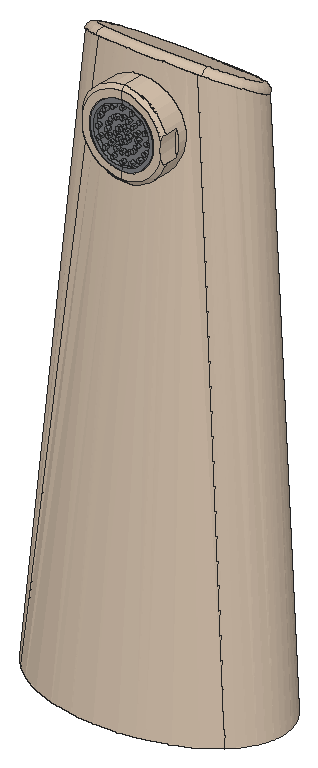
Revit family "Faucet-Wall_Mount-Bath_Spout-KOHLER-Complementary-K-10385IN_1", category Plumbing Fixtures, host Face, Revit 2021
Family settings
  Host = Face
  Round Connector Dimension = Use Diameter
  Part Type = Normal
  OmniClass Number = 23.31.11.00
  OmniClass Title = Faucets
  Cut with Voids When Loaded = No
  Shared = No
  Room Calculation Point = No
Parameters (values of type "AF-Vibrant French Gold")
  Width = 2 97/128"  # constant formula
  WaterSense Certified = 1 = 0  # no
  Waste Water Outlet = "Waste Water Outlet"  # constant formula
  Waste Connection = 1 = 0  # no
  Vent Connection = 1 = 0  # no
  URL = "https://www.kohler.co.in/"
  Type = 1
  Tempered Water Inlet = "Tempered Water Inlet"  # constant formula
  Spout Reach = 5 77/128"  # constant formula
  Product Page URL = "https://www.kohler.co.in/product-detail/10385in?skuid=K-10385IN-AF"
  Product Name = "Complementary"  # constant formula
  Product Documentation Link = ""
  Pressure = 4.51 psi  # constant formula
  Model = if(Type = 1, "K-10385IN-AF", if(Type = 2, "K-10385IN-BN", if(Type = 3, "K-10385IN-BV", if(Type = 4, "K-10385IN-CP", if(Type = 5, "K-10385IN-BRD", "NA")))))  # "K-10385IN-AF"
  Material = "Premium Metal Construction"  # constant formula
  Master Format 2014 Name = "Residential Faucets, Supplies, and Trim"  # constant formula
  Master Format 2014 = "22 41 39"  # constant formula
  Manufacturer Address = "Ambience Office Tower NH-8 Gurgaon / Gurugram Haryana , 122001"  # constant formula
  Manufacturer = "Kohler Co."  # constant formula
  Length = Spout Reach  # 5 77/128"
  Hot Water Inlet = "Hot Water Inlet"  # constant formula
  Height = 1 99/128"  # constant formula
  HW Connection = 1 = 1  # yes
  Flow Rate = 8.31 GPM  # constant formula
  Finish = Kohler-Metal-AF-Vibrant_French_Gold
  Environmental Product Declaration = ""
  Drain Included = 1 = 0  # no
  Description = "Bath Spout, Without Diverter, Flat Face"  # constant formula
  Default Elevation = 36"
  Declare Label = ""
  Date Modified = "07/05/2024"  # constant formula
  Date Created = "02/06/2023"  # constant formula
  Copyright = "Copyright Kohler Co."  # constant formula
  Contact Us = "https://www.kohler.co.in/contact-us"
  Cold Water Inlet = "Cold Water Inlet"  # constant formula
  CW Connection = 1 = 0  # no
  Assembly Code = "D2010"
  ADA Compliant = 1 = 0  # no
Types (6): name | Type | Product Page URL | Model | Finish
  (no name) | 1 | "https://www.kohler.co.in/product-detail/10385in?skuid=K-10385IN-AF" | "K-10385IN-AF" | Kohler-Metal-AF-Vibrant_French_Gold
  AF-Vibrant French Gold | 1 | "https://www.kohler.co.in/product-detail/10385in?skuid=K-10385IN-AF" | "K-10385IN-AF" | Kohler-Metal-AF-Vibrant_French_Gold
  BN-Vibrant Brushed Nickel | 2 | "https://www.kohler.co.in/product-detail/10385in?skuid=K-10385IN-BN" | "K-10385IN-BN" | Kohler-Metal-BN-Vibrant_Brushed_Nickel
  BV-Brushed Bronze | 3 | "https://www.kohler.co.in/product-detail/10385in?skuid=K-10385IN-BV" | "K-10385IN-BV" | Kohler-Metal-BV-Brushed_Bronze
  CP-Polished Chrome | 4 | "" | "K-10385IN-CP" | Kohler-Metal-CP-Polished_Chrome
  BRD-Brushed Rose Gold | 5 | "" | "K-10385IN-BRD" | KOHLER-Metal-BRD-Brushed_Rose_Gold
Reference planes (in)
  plane 1 "Center (Front/Back)": y = 0
  plane 2: z = 0
  plane 3 "Center (Left/Right)": x = 0
  plane 4: x = 1.37795
  plane 5: y = 0.88583
  plane 6: x = -1.37986
  plane 7: y = -0.88761
  plane 8: x = -0.89173
  plane 9: x = 0.89173
  plane 10: y = -0.57199
  plane 11: z = 6.27708
  plane 12: z = 5.60156
Dimensions and locks (in)
  "Width": plane 6 to plane 4
  "Height": plane 5 to plane 7
  "Length": plane 12 to level
  level to plane 11 = 6.27708"
  plane 8 to plane 9 = 1.78346"  (x2)
  plane 1 "Center (Front/Back)" to plane 10 = 0.57199"
  plane 1 "Center (Front/Back)" to plane 7 = 0.88761"
  aligned and locked: plane 2 to host face
  aligned and locked: level to host face
Automatic sketch dimensions
  host sketch curve to host sketch curve = 96"  (x2)
Nested families (in)
  nested 1: "K-10385IN" at (0, 0, 0), type "K-10385IN"
Connectors (in)
  piping at (0, 0, 0), diameter 0.5, driven by "Flow Rate", driven by "Pressure", driven by "HW Connection", driven by "Tempered Water Inlet"
    settings: on nested 1, index 1, connector inside diameter 24", connector length 0", flow factor 0, pipe flow 8.31 GPM, pressure drop 4.51 psi, fitting loss kfactor 0, connector angle 0.00°, fixture units 0, engagement length 0", angle of deflection 0.00°, flow configuration 1, flow direction 1, fitting loss method 4, system type 19, joint type 0, gender type 0, connector reference index -1, connector utility 1, adjustable connector no, is connector primary yes, connector description "Tempered Water Inlet"
Definition of nested family "K-10385IN"
  Parameters
    Material = none
    Default Elevation = 0"
  Reference planes (in)
    plane 1 "Center (Front/Back)": y = 0
    plane 2: z = 0
    plane 3 "Center (Left/Right)": x = 0
    plane 4: z = 5.60236
    plane 5: x = -1.37795
    plane 6: x = 1.37795
    plane 7: x = -0.89173
    plane 8: x = 0.89173
    plane 9: z = 6.27708
    plane 10: y = -0.57199
    plane 11: y = 0.88583
    plane 12: y = -0.88583
    plane 13 "A": through (0, 0.71207, 5.79081) normal (0, -0.5, -0.866)
  Forms (in)
    Sweep 1, solid, material <- "Material", detail levels medium+fine
      path origin (0, 2.68551, 4.65145) x (0, 0.866025, -0.5) y (1, 0, 0)
        loop
          arc (-3.29327, -0.56409) -> (-2.85449, -0.9041) -> (-2.40088, -0.58416) r 0.46678
          arc (-2.40088, -0.58416) -> (-2.30694, 0.01208) -> (-2.40946, 0.60691) r 1.85445
          arc (-2.40946, 0.60691) -> (-2.85779, 0.91708) -> (-3.28926, 0.58385) r 0.46177
          arc (-3.28926, 0.58385) -> (-3.37164, 0.01016) -> (-3.29327, -0.56409) r 2.08961
      profile origin (0.01016, -0.23441, 6.33726) x (0.003493, -0.86602, 0.499997) y (0, -0.5, -0.866025)
        loop
          line (-0.00021, 0.08206) -> (-0.11585, 0.08206) -> (-0.11585, 0) -> (-0.07642, 0)
          arc (-0.07642, 0) -> (-0.02042, 0.02441) -> (-0.00021, 0.08206) r 0.07642
    SweptBlend 2, solid, material <- "Material", detail levels medium+fine
      path origin (0, 0, 0) x (0, 1, 0) y (0, 0, 1)
        loop
          line (0.18308, 6.40386) -> (-0.1672, -0.27988)
      profile origin (0, 0.18308, 6.40386) x (0, 0.99863, -0.052336) y (1, 0, 0)
        loop
          spline (-0.38666, 0.52497) -> (-0.40332, 0.43944) -> (-0.41702, 0.35325) -> (-0.42771, 0.26652) -> (-0.4354, 0.17939) -> (-0.44006, 0.092) -> (-0.44169, 0.00447) -> (-0.44028, -0.08307) -> (-0.43585, -0.17048) -> (-0.42838, -0.25763) -> (-0.41791, -0.34439) -> (-0.40444, -0.43063) -> (-0.38799, -0.51621)
          spline (-0.38799, -0.51621) -> (-0.36209, -0.60104) -> (-0.32196, -0.67856) -> (-0.26913, -0.74582) -> (-0.20562, -0.80022) -> (-0.13388, -0.83967) -> (-0.05666, -0.86267) -> (0.02307, -0.86832) -> (0.10225, -0.85642) -> (0.17785, -0.82741) -> (0.24695, -0.78241) -> (0.3069, -0.72316) -> (0.35541, -0.65192)
          spline (0.35541, -0.65192) -> (0.38189, -0.54435) -> (0.40359, -0.43544) -> (0.42046, -0.32546) -> (0.43244, -0.21468) -> (0.43952, -0.10337) -> (0.44168, 0.0082) -> (0.43891, 0.11976) -> (0.43121, 0.23102) -> (0.41862, 0.34171) -> (0.40115, 0.45157) -> (0.37885, 0.56033) -> (0.35178, 0.66771)
          spline (0.35178, 0.66771) -> (0.30249, 0.7371) -> (0.2422, 0.7945) -> (0.17317, 0.83777) -> (0.09799, 0.86526) -> (0.0195, 0.87596) -> (-0.05935, 0.86944) -> (-0.1356, 0.84597) -> (-0.20638, 0.80643) -> (-0.26903, 0.75229) -> (-0.32118, 0.6856) -> (-0.36089, 0.60886) -> (-0.38666, 0.52497)
      end profile origin (0, -0.1672, -0.27988) x (0, 0.99863, -0.052336) y (1, 0, 0)
        loop
          spline (0.57201, -1.15921) -> (0.69075, -1.01516) -> (0.79215, -0.84135) -> (0.8732, -0.64289) -> (0.93156, -0.42559) -> (0.9655, -0.19582) -> (0.97402, 0.03969) -> (0.95689, 0.27404) -> (0.9146, 0.50036) -> (0.84838, 0.71201) -> (0.76019, 0.9028) -> (0.65261, 1.06713) -> (0.52878, 1.20019)
          spline (0.52878, 1.20019) -> (0.45571, 1.25812) -> (0.37951, 1.30508) -> (0.30087, 1.34065) -> (0.22045, 1.36452) -> (0.13898, 1.37648) -> (0.05714, 1.37642) -> (-0.02433, 1.36436) -> (-0.10473, 1.34038) -> (-0.18336, 1.30471) -> (-0.25952, 1.25765) -> (-0.33257, 1.19962) -> (-0.40185, 1.13112)
          spline (-0.40185, 1.13112) -> (-0.51225, 0.98789) -> (-0.60635, 0.8183) -> (-0.68164, 0.62688) -> (-0.73611, 0.41872) -> (-0.76832, 0.19939) -> (-0.77739, -0.02526) -> (-0.76309, -0.24924) -> (-0.72579, -0.46657) -> (-0.66651, -0.67144) -> (-0.5868, -0.8584) -> (-0.48882, -1.02245) -> (-0.37515, -1.15921)
          spline (-0.37515, -1.15921) -> (-0.30296, -1.22477) -> (-0.22714, -1.27925) -> (-0.14836, -1.32214) -> (-0.06735, -1.35305) -> (0.01516, -1.37171) -> (0.09843, -1.37795) -> (0.18169, -1.37171) -> (0.2642, -1.35305) -> (0.34521, -1.32214) -> (0.42399, -1.27925) -> (0.49981, -1.22477) -> (0.57201, -1.15921)
    Extrusion 3, void
      sketch origin (0, 0, 0) x (0, 1, 0) y (0, 0, 1)
        loop
          line (0.78813, 5.65215) -> (0.78813, 6.55899) -> (-0.34224, 6.55899) -> (-0.34224, 6.30477) -> (0.78813, 5.65215)
      from -1.31629 to 1.11901
    Extrusion 4, solid, material <- "Material", detail levels medium+fine
      sketch origin (0, 2.68551, 4.65145) x (0, 0.866025, -0.5) y (1, 0, 0)
        loop
          arc (-3.17797, 0.55164) -> (-3.25578, 0.00976) -> (-3.18176, -0.53265) r 1.97376
          arc (-3.18176, -0.53265) -> (-2.85189, -0.78827) -> (-2.51086, -0.54774) r 0.35092
          arc (-2.51086, -0.54774) -> (-2.42279, 0.01125) -> (-2.51891, 0.56891) r 1.73859
          arc (-2.51891, 0.56891) -> (-2.85475, 0.80126) -> (-3.17797, 0.55164) r 0.34592
      from 0 to 0.08206
    Revolve 5, solid, material <- "Material", detail levels medium+fine
      sketch origin (0, 0, 0) x (0, 1, 0) y (0, 0, 1)
        loop
          line (-0.17043, 5.95213) -> (-0.17043, 6.07386) -> (-0.53264, 6.07386) -> (-0.57201, 6.03449) -> (-0.57201, 5.95213) -> (-0.17043, 5.95213)
        axis (-0.57201, 5.60203) -> (-0.17043, 5.60203)
      angle from 0 to 360
    Revolve 6, solid, detail levels medium+fine
      sketch origin (0, 0, 0) x (0, 1, 0) y (0, 0, 1)
        loop
          line (-0.57201, 5.94634) -> (-0.57201, 5.90697) -> (-0.44892, 5.90697) -> (-0.44892, 5.60203) -> (-0.40961, 5.60203) -> (-0.40961, 5.94634) -> (-0.57201, 5.94634)
        axis (-0.57201, 5.60203) -> (-0.40961, 5.60203)
      angle from 0 to 360
    Extrusion 7, solid, detail levels medium+fine
      sketch origin (0, 0, 0) x (1, 0, 0) y (0, 0, 1)
        loop
          circle (-0.26533, 5.60203) r 0.01969
        loop
          circle (-0.16676, 5.60203) r 0.01969
        loop
          circle (-0.06686, 5.60203) r 0.01969
        loop
          circle (-0.18762, 5.78965) r 0.01969
        loop
          circle (-0.11792, 5.71995) r 0.01969
        loop
          circle (-0.04728, 5.64931) r 0.01969
        loop
          circle (0, 5.86736) r 0.01969
        loop
          circle (0, 5.76879) r 0.01969
        loop
          circle (0, 5.66889) r 0.01969
        loop
          circle (0.18762, 5.78965) r 0.01969
        loop
          circle (0.11792, 5.71995) r 0.01969
        loop
          circle (0.04728, 5.64931) r 0.01969
        loop
          circle (0.26533, 5.60203) r 0.01969
        loop
          circle (0.16676, 5.60203) r 0.01969
        loop
          circle (0.06686, 5.60203) r 0.01969
        loop
          circle (-0.18762, 5.41441) r 0.01969
        loop
          circle (-0.11792, 5.48411) r 0.01969
        loop
          circle (-0.04728, 5.55475) r 0.01969
        loop
          circle (0, 5.33669) r 0.01969
        loop
          circle (0, 5.43526) r 0.01969
        loop
          circle (0, 5.53517) r 0.01969
        loop
          circle (0.18762, 5.41441) r 0.01969
        loop
          circle (0.11792, 5.48411) r 0.01969
        loop
          circle (0.04728, 5.55475) r 0.01969
        loop
          circle (-0.24424, 5.7057) r 0.01969
        loop
          circle (-0.15351, 5.66719) r 0.01969
        loop
          circle (-0.0994, 5.84804) r 0.01969
        loop
          circle (-0.06247, 5.75665) r 0.01969
        loop
          circle (0.10367, 5.84627) r 0.01969
        loop
          circle (0.06516, 5.75554) r 0.01969
        loop
          circle (0.24601, 5.70142) r 0.01969
        loop
          circle (0.15462, 5.6645) r 0.01969
        loop
          circle (0.24424, 5.49835) r 0.01969
        loop
          circle (0.15351, 5.53687) r 0.01969
        loop
          circle (-0.24601, 5.50263) r 0.01969
        loop
          circle (-0.15462, 5.53956) r 0.01969
        loop
          circle (-0.10367, 5.35779) r 0.01969
        loop
          circle (-0.06516, 5.44852) r 0.01969
        loop
          circle (0.0994, 5.35601) r 0.01969
        loop
          circle (0.06247, 5.44741) r 0.01969
      from 0.53264 to 0.57201
    Extrusion 8, solid, detail levels medium+fine
      sketch origin (0, 0, 0) x (1, 0, 0) y (0, 0, 1)
        loop
          circle (0, 5.60203) r 0.30494
      from 0.31424 to 0.53264
    Extrusion 9, void
      sketch origin (0, 0, 0) x (1, 0, 0) y (0, 0, 1)
        loop
          line (-1.59578, 0) -> (-1.59578, -0.7874) -> (1.55383, -0.7874) -> (1.55383, 0) -> (-1.59578, 0)
      from -1.0996 to 1.0898
    Extrusion 10, void
      sketch origin (0.00615, 0, 0) x (1, 0, 0) y (0, 0, 1)
        loop
          arc (0.43262, 5.74842) -> (0.41393, 5.60214) -> (0.43082, 5.45564) r 0.61126
          line (0.43082, 5.45564) -> (0.5131, 5.45564) -> (0.5131, 5.74842) -> (0.43262, 5.74842)
      from 0.37978 to 0.63965
    Extrusion 11, void
      sketch origin (-0.00615, 0, 0) x (-1, 0, 0) y (0, 0, -1)
        loop
          line (0.43262, -5.74842) -> (0.5131, -5.74842) -> (0.5131, -5.45564) -> (0.43082, -5.45564)
          arc (0.43082, -5.45564) -> (0.41393, -5.60214) -> (0.43262, -5.74842) r 0.61126
      from 0.37978 to 0.63965
    Blend 12, solid, material <- "Material", detail levels coarse
      base sketch origin (0, 0, 0) x (1, 0, 0) y (0, 1, 0)
        loop
          arc (-1.17642, -0.48729) -> (-0.00106, -0.95621) -> (1.17494, -0.48891) r 1.71046
          arc (1.17494, -0.48891) -> (1.35987, -0.06162) -> (1.17773, 0.36686) r 0.59055
          arc (1.17773, 0.36686) -> (0.00018, 0.84016) -> (-1.17803, 0.36849) r 1.70443
          arc (-1.17803, 0.36849) -> (-1.36076, -0.05975) -> (-1.17642, -0.48729) r 0.59055
      top sketch origin (0, 0, 0) x (1, 0, 0) y (0, 1, 0)
        loop
          arc (0.62674, 0.55146) -> (0.00975, 0.64694) -> (-0.60822, 0.55801) r 2.11378
          arc (-0.60822, 0.55801) -> (-0.88877, 0.17016) -> (-0.58751, -0.20185) r 0.3937
          arc (-0.58751, -0.20185) -> (0.00486, -0.27386) -> (0.59797, -0.20814) r 2.58516
          arc (0.59797, -0.20814) -> (0.90315, 0.16065) -> (0.62674, 0.55146) r 0.3937
      from 0 to 6.48654
    Extrusion 13, void
      sketch origin (0, 0, 0) x (0, 1, 0) y (0, 0, 1)
        loop
          arc (0.6239, 5.84151) -> (0.66844, 5.80036) -> (0.69094, 5.74405) r 0.1375
          line (0.69094, 5.74405) -> (0.69094, 6.62445) -> (-0.33734, 6.62445) -> (-0.33734, 6.23075)
          arc (-0.33734, 6.23075) -> (-0.28509, 6.31206) -> (-0.18845, 6.31053) r 0.09939
          line (-0.18845, 6.31053) -> (0.6239, 5.84151)
      from -1.3274 to 1.27564
    Revolve 14, solid, material <- "Material", detail levels coarse
      sketch origin (0, 0, 0) x (0, 1, 0) y (0, 0, 1)
        loop
          line (-0.18293, 5.60203) -> (-0.18293, 6.08044) -> (-0.57663, 6.08044) -> (-0.57663, 5.60203) -> (-0.18293, 5.60203)
        axis (-0.57663, 5.60203) -> (-0.18293, 5.60203)
      angle from 0 to 360
    Extrusion 15, solid, material <- "Material", detail levels medium+fine
      sketch origin (0, 0, 0) x (1, 0, 0) y (0, 1, 0)
        loop
          circle (0, 0) r 0.07874
      from 0 to 0.022
  Cuts and joins
    Extrusion 3, Extrusion 9, Extrusion 11 cuts SweptBlend 2
    Extrusion 10, Extrusion 11 cuts Revolve 5
    joined: SweptBlend 2, Revolve 5
    joined: Sweep 1, Extrusion 4
    Extrusion 13 cuts Blend 12
    joined: Blend 12, Revolve 14
    joined: Revolve 6, Extrusion 8
  Lines and regions (in)
    Masking region 1
      outline origin (0, 0, 0) x (1, 0, 0) y (0, 1, 0)
        loop
          spline (-1.37795, 0) -> (-1.331, -0.22927) -> (-1.19334, -0.44291) -> (-0.97436, -0.62637) -> (-0.68898, -0.76715) -> (-0.35664, -0.85564) -> (0, -0.88583) -> (0.35664, -0.85564) -> (0.68898, -0.76715) -> (0.97436, -0.62637) -> (1.19334, -0.44291) -> (1.331, -0.22927) -> (1.37795, 0)
          spline (1.37795, 0) -> (1.331, 0.22927) -> (1.19334, 0.44291) -> (0.97436, 0.62637) -> (0.68898, 0.76715) -> (0.35664, 0.85564) -> (0, 0.88583) -> (-0.35664, 0.85564) -> (-0.68898, 0.76715) -> (-0.97436, 0.62637) -> (-1.19334, 0.44291) -> (-1.331, 0.22927) -> (-1.37795, 0)
    Masking region 2
      outline origin (0, 0, 0) x (1, 0, 0) y (0, 0, 1)
        loop
          line (0.3937, 6.27708) -> (-0.3937, 6.27708)
          arc (-0.3937, 6.27708) -> (-0.54537, 6.26322) -> (-0.69201, 6.22211) r 0.83688
          arc (-0.69201, 6.22211) -> (-0.76965, 6.18254) -> (-0.83712, 6.12741) r 0.40844
          arc (-0.83712, 6.12741) -> (-0.857, 6.10369) -> (-0.87276, 6.07706) r 0.19026
          arc (-0.87276, 6.07706) -> (-0.8887, 6.04179) -> (-0.89087, 6.00316) r 0.10567
          line (-0.89087, 6.00316) -> (-1.37795, 0) -> (1.37795, 0) -> (0.89173, 6.00316)
          arc (0.89173, 6.00316) -> (0.88898, 6.04405) -> (0.87088, 6.08082) r 0.10567
          arc (0.87088, 6.08082) -> (0.85577, 6.1054) -> (0.83712, 6.12741) r 0.19026
          arc (0.83712, 6.12741) -> (0.76965, 6.18254) -> (0.69201, 6.22211) r 0.40844
          arc (0.69201, 6.22211) -> (0.54537, 6.26322) -> (0.3937, 6.27708) r 0.83688
    Masking region 3
      outline origin (0, 0, 0) x (0, 1, 0) y (0, 0, 1)
        loop
          line (0.88583, 0) -> (0.75873, 5.74201)
          arc (0.75873, 5.74201) -> (0.75324, 5.7612) -> (0.73905, 5.77523) r 0.03937
          line (0.73905, 5.77523) -> (-0.11575, 6.26875)
          arc (-0.11575, 6.26875) -> (-0.17448, 6.27035) -> (-0.20789, 6.22202) r 0.06167
          line (-0.20789, 6.22202) -> (-0.22397, 6.07447) -> (-0.53264, 6.07447) -> (-0.57201, 6.0351) -> (-0.57201, 5.16896) -> (-0.53264, 5.12959) -> (-0.32692, 5.12959) -> (-0.88583, 0) -> (0.88583, 0)
    symbolic lines, detail levels medium+fine
      curve 1: line (-0.47458, 0.64147, 0) -> (0.47458, 0.64147, 0)
      curve 2: line (0.47458, -0.19284, 0) -> (-0.47458, -0.19284, 0)
      curve 3: arc (-0.47458, -0.19284, 0) -> (-0.89173, 0.22431, 0) -> (-0.47458, 0.64147, 0) r 0.41716
      curve 4: arc (0.47458, 0.64147, 0) -> (0.89173, 0.22431, 0) -> (0.47458, -0.19284, 0) r 0.41716
      curve 5: line (-0.43307, -0.45144, 0) -> (-0.43307, -0.57201, 0)
      curve 6: line (-0.43307, -0.45144, 0) -> (-0.47244, -0.45144, 0)
      curve 7: line (0.43307, -0.57201, 0) -> (-0.43307, -0.57201, 0)
      curve 8: line (0.43307, -0.45144, 0) -> (0.43307, -0.57201, 0)
      curve 9: line (0.43307, -0.45144, 0) -> (0.47244, -0.45144, 0)
      curve 10: line (-0.47244, -0.45144, 0) -> (-0.47244, -0.26307, 0)
      curve 11: line (0.47244, -0.45144, 0) -> (0.47244, -0.26307, 0)
      curve 12: arc (-0.47244, -0.26307, 0) -> (0, -0.22777, 0) -> (0.47244, -0.26307, 0) r 3.17933
      curve 13: line (-0.43307, -0.53264, 0) -> (0.43307, -0.53264, 0)
      curve 14: line (-0.45676, 0.61739, 0) -> (0.45357, 0.61739, 0)
      curve 15: line (0.45357, -0.12647, 0) -> (-0.45676, -0.12647, 0)
      curve 16: arc (0.45357, 0.61739, 0) -> (0.8255, 0.24546, 0) -> (0.45357, -0.12647, 0) r 0.37193
      curve 17: arc (-0.45676, -0.12647, 0) -> (-0.82868, 0.24546, 0) -> (-0.45676, 0.61739, 0) r 0.37193
      curve 18: line (-0.47458, 0.64147, 0) -> (-0.62317, 0.79006, 0)
      curve 19: line (-0.34997, 0.64147, 0) -> (-0.52699, 0.81849, 0)
      curve 20: line (0.47458, 0.64147, 0) -> (0.62317, 0.79006, 0)
      curve 21: line (0.34997, 0.64147, 0) -> (0.52699, 0.81849, 0)
      curve 22: line (-0.43307, -0.19284, 0) -> (-0.46224, -0.26155, 0)
      curve 23: line (-0.39738, -0.19284, 0) -> (-0.42428, -0.25621, 0)
      curve 24: line (-0.47244, -0.2856, 0) -> (-0.67848, -0.771, 0)
      curve 25: line (-0.47244, -0.36967, 0) -> (-0.64744, -0.78196, 0)
      curve 26: line (0.43307, -0.19284, 0) -> (0.46224, -0.26155, 0)
      curve 27: line (0.39738, -0.19284, 0) -> (0.42428, -0.25621, 0)
      curve 28: line (0.47244, -0.28559, 0) -> (0.67848, -0.771, 0)
      curve 29: line (0.47244, -0.36967, 0) -> (0.64744, -0.78196, 0)
      curve 30: line (-0.43307, -0.19284, 0) -> (-0.43307, -0.12647, 0)
      curve 31: line (-0.39738, -0.19284, 0) -> (-0.39738, -0.12647, 0)
      curve 32: line (0.43307, -0.19284, 0) -> (0.43307, -0.12647, 0)
      curve 33: line (0.39738, -0.19284, 0) -> (0.39738, -0.12647, 0)
      curve 34: line (0.89173, 0.22431, 0) -> (1.37795, 0, 0)
      curve 35: line (0.3937, 0, 5.78244) -> (-0.39284, 0, 5.78244)
      curve 36: arc (0.77536, 0, 5.86246) -> (0.58868, 0, 5.80266) -> (0.3937, 0, 5.78244) r 0.95018
      curve 37: arc (0.8756, 0, 5.95392) -> (0.83301, 0, 5.89994) -> (0.77536, 0, 5.86246) r 0.21171
      curve 38: arc (0.89173, 0, 6.00316) -> (0.886, 0, 5.97778) -> (0.8756, 0, 5.95392) r 0.13825
      curve 39: arc (-0.77449, 0, 5.86246) -> (-0.58781, 0, 5.80266) -> (-0.39284, 0, 5.78244) r 0.95018
      curve 40: arc (-0.87474, 0, 5.95392) -> (-0.83214, 0, 5.89994) -> (-0.77449, 0, 5.86246) r 0.21171
      curve 41: arc (-0.89087, 0, 6.00316) -> (-0.88513, 0, 5.97778) -> (-0.87474, 0, 5.95392) r 0.13825
      curve 42: line (0.3937, 0, 6.26527) -> (-0.3937, 0, 6.26527)
      curve 43: line (-0.43368, 0, 5.82969) -> (0.43368, 0, 5.82969)
      curve 44: arc (0.71579, 0, 6.19649) -> (0.55837, 0, 6.24788) -> (0.3937, 0, 6.26527) r 0.78847
      curve 45: arc (0.82275, 0, 6.09241) -> (0.77849, 0, 6.15393) -> (0.71579, 0, 6.19649) r 0.21708
      curve 46: arc (0.8187, 0, 5.99817) -> (0.83254, 0, 6.04478) -> (0.82275, 0, 6.09241) r 0.10001
      curve 47: arc (0.67707, 0, 5.88563) -> (0.75828, 0, 5.92882) -> (0.8187, 0, 5.99817) r 0.25316
      curve 48: arc (0.43368, 0, 5.82969) -> (0.5565, 0, 5.85278) -> (0.67707, 0, 5.88563) r 1.56015
      curve 49: arc (-0.71579, 0, 6.19649) -> (-0.55837, 0, 6.24788) -> (-0.3937, 0, 6.26527) r 0.78847
      curve 50: arc (-0.82275, 0, 6.09241) -> (-0.77849, 0, 6.15393) -> (-0.71579, 0, 6.19649) r 0.21708
      curve 51: arc (-0.8187, 0, 5.99817) -> (-0.83254, 0, 6.04478) -> (-0.82275, 0, 6.09241) r 0.10001
      curve 52: arc (-0.67707, 0, 5.88563) -> (-0.75828, 0, 5.92882) -> (-0.8187, 0, 5.99817) r 0.25316
      curve 53: arc (-0.43368, 0, 5.82969) -> (-0.5565, 0, 5.85278) -> (-0.67707, 0, 5.88563) r 1.56015
      curve 54: line (0.39205, 0, 5.82969) -> (0.59563, 0, 0)
      curve 55: line (-0.35009, 0, 5.82969) -> (-0.55367, 0, 0)
      curve 56: line (0, -0.20789, 6.22202) -> (0, 0.75873, 5.74201)
      curve 57: line (0, -0.53264, 6.07447) -> (0, -0.53264, 5.79084)
      curve 58: line (0, -0.57201, 5.60203) -> (0, -0.53264, 5.79084)
      curve 59: line (0, -0.41453, 5.79084) -> (0, -0.53264, 5.79084)
      curve 60: line (0, -0.41453, 5.41322) -> (0, -0.41453, 5.79084)
      curve 61: line (0, -0.53264, 5.41322) -> (0, -0.41453, 5.41322)
      curve 62: line (0, -0.57201, 5.60203) -> (0, -0.53264, 5.41322)
      curve 63: line (0, -0.53264, 5.41322) -> (0, -0.53264, 5.12959)
      curve 64: line (0, -0.22397, 6.07447) -> (0, -0.32692, 5.12959)
      curve 65: line (0, 0.64846, 0) -> (0, 0.75873, 5.74201)
      curve 66: line (0, -0.41453, 0) -> (0, -0.10421, 6.17053)
      curve 67: line (0, 0.75067, 0) -> (0, 0.75873, 5.74201)
      curve 68: line (0.43145, 0, 5.82969) -> (0.63502, 0, 0)
      curve 69: line (-0.38949, 0, 5.82969) -> (-0.59306, 0, 0)
      curve 70: line (-0.16492, -0.45144, 0) -> (-0.16492, -0.3696, 0)
      curve 71: line (-0.43307, -0.45144, 0) -> (-0.16492, -0.45144, 0)
      curve 72: line (0.16492, -0.45144, 0) -> (0.43307, -0.45144, 0)
      curve 73: line (-0.16492, -0.3696, 0) -> (0.16492, -0.3696, 0)
      curve 74: line (0.16492, -0.45144, 0) -> (0.16492, -0.3696, 0)
      curve 75: arc (-0.16492, -0.45144, 0) -> (0, -0.51036, 0) -> (0.16492, -0.45144, 0) r 0.26027
      curve 76: line (0, 0, 0) -> (0, 0.21003, 6.01449)
      curve 77: line (0, 0.21003, 6.01449) -> (0, 0.25199, 6.05644)
  Dimensions and locks (in)
    aligned and locked: plane 2 to level
